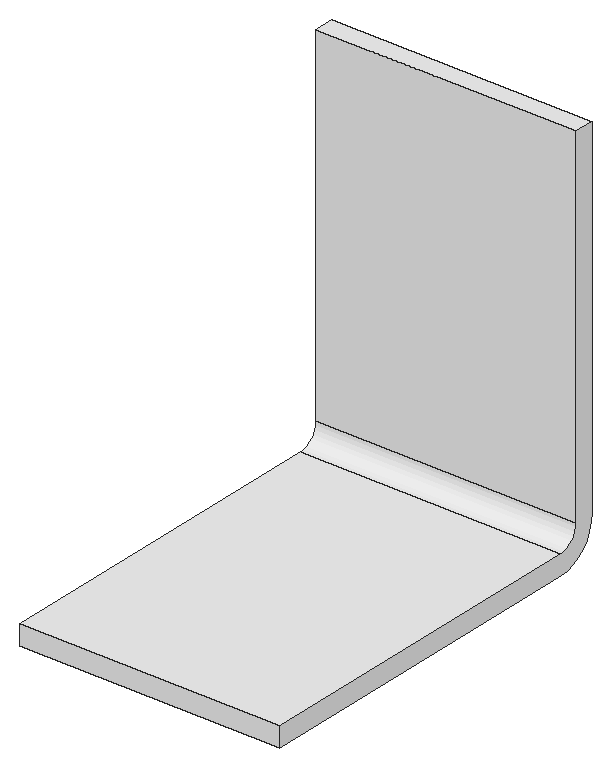
Revit family "JOMA_412", category Structural Connections, host Face, Revit 2012
Parameters (values of type "4120000")
  t = 3.000 mm
  l = 60.000 mm
  h = 60.000 mm
  b = 40.000 mm
  Vikt = "0,108"
  Typ = "VINKEL 412"
  Spikmönster α꞊0° [instance] = no
  Spik/skruv [instance] = "ANKARSPIK 4,0x40"
  Material = Varmförzinkad stålplåt
  Länk Joma Dimensioneringsverktyg = "http://www.joma.se/dimensioneringsverktyg"
  Default Elevation = 0.000 mm
  Antal spik/skruv i virkesdel B [instance] = if(Spikmönster α꞊0°, 4, 0)  # 0
  Antal spik/skruv i virkesdel A [instance] = if(Spikmönster α꞊0°, 2, 0)  # 0
Reference planes
  plane 1 "Center (Front/Back)": y = 0
  plane 2: z = 0
  plane 3 "Center (Left/Right)": x = 0
  plane 4: x = -20
  plane 5: x = 20
  plane 6: y = -60
  plane 7: z = 60
Forms (mm)
  Extrusion 1, solid, material "Varmförzinkad stålplåt" <- "Material"
    sketch origin (0, 0, 0) x (0, 1, 0) y (0, 0, 1)
      loop
        line (0, 60) -> (-3, 60) -> (-3, 6)
        arc (-3, 6) -> (-3.879, 3.879) -> (-6, 3) r 3
        line (-6, 3) -> (-60, 3) -> (-60, 0) -> (-6, 0)
        arc (-6, 0) -> (-1.757, 1.757) -> (0, 6) r 6
        line (0, 6) -> (0, 60)
    from -20 to 20
Lines and regions (mm)
  symbolic lines
    curve 1: circle (-10, -50, 0) r 2.5 normal (0, 0, 1)
    curve 2: circle (-10, -10, 0) r 2.5 normal (0, 0, 1)
    curve 3: circle (0, -30, 0) r 2.5 normal (0, 0, 1)
    curve 4: circle (10, -50, 0) r 2.5 normal (0, 0, -1)
    curve 5: circle (10, -10, 0) r 2.5 normal (0, 0, -1)
    curve 6: circle (0, 0, 50) r 2.5 normal (0, -1, 0)
    curve 7: circle (-10, 0, 30) r 2.5 normal (0, -1, 0)
    curve 8: circle (10, 0, 30) r 2.5 normal (0, -1, 0)
    curve 9: circle (0, 0, 10) r 2.5 normal (0, -1, 0)
  symbolic lines, not visible
    curve 10: circle (0, 0, 50) r 2.5 normal (0, -1, 0)
    curve 11: circle (-10, 0, 30) r 2.5 normal (0, -1, 0)
    curve 12: circle (10, 0, 30) r 2.5 normal (0, -1, 0)
    curve 13: circle (0, 0, 10) r 2.5 normal (0, -1, 0)
    curve 14: circle (-10, -50, 0) r 2.5 normal (0, 0, 1)
    curve 15: circle (-10, -10, 0) r 2.5 normal (0, 0, 1)
    curve 16: circle (0, -30, 0) r 2.5 normal (0, 0, 1)
    curve 17: circle (10, -50, 0) r 2.5 normal (0, 0, -1)
    curve 18: circle (10, -10, 0) r 2.5 normal (0, 0, -1)
Text (mm)
  text "Virkesdel A" at (248.564, 0, 107.718), in view "Front"
  text "Virkesdel B" at (206.832, -12.228, 0), in view "Ref. Level"
Dimensions and locks
  "b": plane 5 to plane 4
  "l": plane 1 "Center (Front/Back)" to plane 6
  "h": plane 7 to host face
  equal spacing: plane 5, plane 3 "Center (Left/Right)", plane 4
  "t": plane 1 "Center (Front/Back)" to Extrusion 1
  "t": Extrusion 1 to host face
  aligned and locked: plane 2 to host face
  aligned and locked: level to host face
  aligned and locked: plane 5 to Extrusion 1
  aligned and locked: Extrusion 1 to plane 4
  aligned and locked: Extrusion 1 to plane 6
  aligned and locked: plane 7 to Extrusion 1
Automatic sketch dimensions
  host sketch curve to host sketch curve = 2438.400 mm  (x2)
  Extrusion 1 sketch curve to plane 6 = 0.000 mm
  Extrusion 1 sketch curve to level = 0.000 mm
  Extrusion 1 sketch curve to plane 7 = 0.000 mm
  plane 1 "Center (Front/Back)" to Extrusion 1 sketch curve = 6.000 mm
  Extrusion 1 sketch curve to Extrusion 1 sketch curve = 0.000 mm
  Extrusion 1 sketch curve to Extrusion 1 sketch curve = 3.000 mm  (x2)
  Extrusion 1 sketch curve to plane 1 "Center (Front/Back)" = 0.000 mm
Nested families
  nested 1: "Spikmönster" at (0, 0, 50) x (1, 0, 0) z (0, -1, 0), visible <- "Spikmönster α꞊0°", type "Ø5"
  nested 2: "Spikmönster" at (-10, 0, 30) x (1, 0, 0) z (0, -1, 0), visible <- "Spikmönster α꞊0°", type "Ø5"
  nested 3: "Spikmönster" at (0, 0, 50) x (1, 0, 0) z (0, -1, 0), visible <- "Spikmönster α꞊0°", type "Ø5", not visible
  nested 4: "Spikmönster" at (-10, 0, 30) x (1, 0, 0) z (0, -1, 0), visible <- "Spikmönster α꞊0°", type "Ø5", not visible
  nested 5: "Spikmönster" at (-10, -10, 0), visible <- "Spikmönster α꞊0°", type "Ø5"
  nested 6: "Spikmönster" at (10, -10, 0), visible <- "Spikmönster α꞊0°", type "Ø5"
  nested 7: "Spikmönster" at (10, -50, 0), visible <- "Spikmönster α꞊0°", type "Ø5"
  nested 8: "Spikmönster" at (-10, -50, 0), visible <- "Spikmönster α꞊0°", type "Ø5"
  nested 9: "Spikmönster" at (-10, -10, 0), visible <- "Spikmönster α꞊0°", type "Ø5", not visible
  nested 10: "Spikmönster" at (10, -10, 0), visible <- "Spikmönster α꞊0°", type "Ø5", not visible
  nested 11: "Spikmönster" at (10, -50, 0), visible <- "Spikmönster α꞊0°", type "Ø5", not visible
  nested 12: "Spikmönster" at (-10, -50, 0), visible <- "Spikmönster α꞊0°", type "Ø5", not visible
Definition of nested family "Spikmönster"
  Parameters (values of type "Ø11")
    Radie = 5.500 mm
  Types (3, lengths in mm): name | Radie
    (no name) | 5.500
    Ø5 | 2.500
    Ø11 | 5.500
  Reference planes
    plane 1 "Center (Front/Back)": y = 0
    plane 2: z = 0
    plane 3 "Center (Left/Right)": x = 0
  Lines and regions (mm)
    Filled region 1, type "Solid Fill - Black", in view "Ref. Level"
      outline origin (0, 0, 0) x (1, 0, 0) y (0, 1, 0)
        loop
          circle (0, 0) r 5.5
  Dimensions and locks
    "Radie": radius of Filled region 1 sketch curve
  Automatic sketch dimensions
    plane 1 "Center (Front/Back)" to Filled region 1 sketch curve = 0.000 mm
    Filled region 1 sketch curve to plane 3 "Center (Left/Right)" = 0.000 mm
